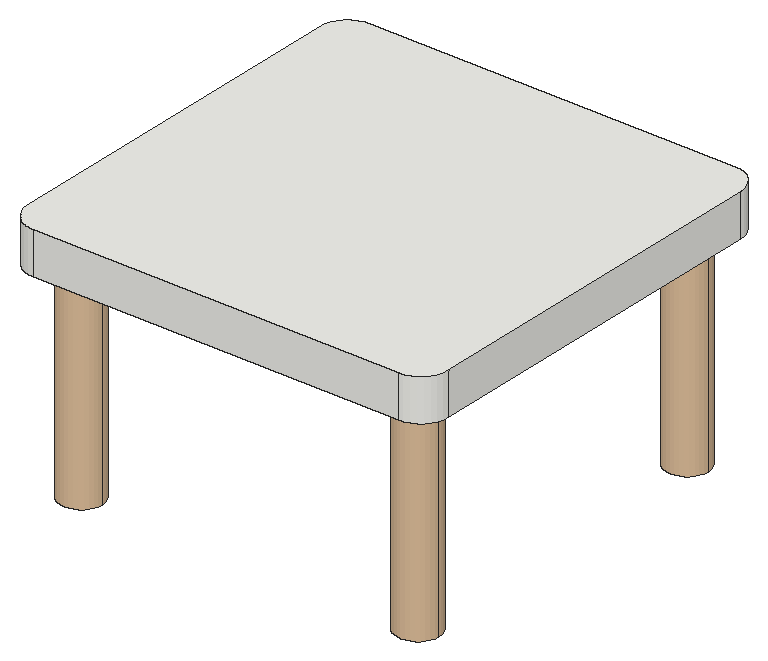
Revit family "rac_basic_sample_family", category Furniture, Revit 2017
Family settings
  OmniClass Number = 23.40.20.14.17
  OmniClass Title = Residential Tables and Cabinets
  Work Plane-Based = No
  Always vertical = Yes
  Cut with Voids When Loaded = No
  Shared = Yes
  Room Calculation Point = No
Parameters (values of type "0762 x 0762mm")
  Base Material = Wood - Birch
  Height = 457.00 mm
  Length = 762.00 mm
  Top Material = Laminate - Ivory, Matte
  Width = 762.00 mm
Types (4, lengths in mm): name | Height | Length | Width
  (no name) | 457.00 | 762.00 | 762.00
  0610 x 0160mm | 762.00 | 610.00 | 610.00
  0762 x 0762mm | 457.00 | 762.00 | 762.00
  0610 x 0915mm | 762.00 | 610.00 | 915.00
Reference planes
  plane 1: y = 152.4
  plane 2: z = 0
  plane 3 "Left": x = 3.734
  plane 4 "Right": x = 765.734
  plane 5 "Back": y = 533.4
  plane 6 "Front": y = -228.6
  plane 7: x = 384.734
Forms (mm)
  Extrusion 1, solid, material "Laminate - Ivory, Matte" <- "Top Material"
    sketch origin (0, 0, 0) x (1, 0, 0) y (0, 1, 0)
      loop
        line (54.534, -228.6) -> (714.934, -228.6)
        arc (714.934, -228.6) -> (750.855, -213.721) -> (765.734, -177.8) r 50.8
        line (765.734, -177.8) -> (765.734, 482.6)
        arc (765.734, 482.6) -> (750.855, 518.521) -> (714.934, 533.4) r 50.8
        line (714.934, 533.4) -> (54.534, 533.4)
        arc (54.534, 533.4) -> (18.613, 518.521) -> (3.734, 482.6) r 50.8
        line (3.734, 482.6) -> (3.734, -177.8)
        arc (3.734, -177.8) -> (18.613, -213.721) -> (54.534, -228.6) r 50.8
    from 380.8 to 457
  Extrusion 2, solid, material "Wood - Birch" <- "Base Material"
    sketch origin (0, 0, 0) x (1, 0, 0) y (0, 1, 0)
      loop
        circle (79.934, 457.2) r 38.1
      loop
        circle (79.934, -152.4) r 38.1
      loop
        circle (689.534, -152.4) r 38.1
      loop
        circle (689.534, 457.2) r 38.1
    from 0 to 380.8
Lines and regions (mm)
  Masking region 1
    outline origin (0, 0, 0) x (1, 0, 0) y (0, 1, 0)
      loop
        arc (54.534, 533.4) -> (18.613, 518.521) -> (3.734, 482.6) r 50.8
        line (3.734, 482.6) -> (3.734, -177.8)
        arc (3.734, -177.8) -> (18.613, -213.721) -> (54.534, -228.6) r 50.8
        line (54.534, -228.6) -> (714.934, -228.6)
        arc (714.934, -228.6) -> (750.855, -213.721) -> (765.734, -177.8) r 50.8
        line (765.734, -177.8) -> (765.734, 482.6)
        arc (765.734, 482.6) -> (750.855, 518.521) -> (714.934, 533.4) r 50.8
        line (714.934, 533.4) -> (54.534, 533.4)
Dimensions and locks
  locked: Extrusion 1 to Extrusion 1 at 76.2
  "Height": Extrusion 1 to plane 2
  locked: Extrusion 1 to Extrusion 2 sketch curve at 76.2  (x8)
  "Width": plane 5 "Back" to plane 6 "Front"
  "Length": plane 3 "Left" to plane 4 "Right"
  equal spacing: plane 5 "Back", plane 1, plane 6 "Front"
  equal spacing: plane 3 "Left", plane 7, plane 4 "Right"
  radius of Extrusion 1 sketch curve = 50.80 mm  (x4)
  aligned and locked: plane 2 to level
  aligned and locked: plane 6 "Front" to Extrusion 1 sketch curve
  aligned and locked: Extrusion 2 to Extrusion 1
  aligned and locked: Masking region 1 sketch curve to plane 5 "Back"
  aligned and locked: plane 3 "Left" to Masking region 1 sketch curve
  aligned and locked: plane 4 "Right" to Masking region 1 sketch curve
  aligned and locked: Masking region 1 sketch curve to plane 6 "Front"
  aligned: Masking region 1 sketch curve to Extrusion 1
Automatic sketch dimensions
  Extrusion 2 sketch curve to Extrusion 2 sketch curve = 38.10 mm  (x4)
  Extrusion 1 sketch curve to plane 3 "Left" = 0.00 mm
  Extrusion 1 sketch curve to plane 4 "Right" = 0.00 mm
  Extrusion 1 sketch curve to plane 5 "Back" = 0.00 mm
  plane 3 "Left" to Masking region 1 sketch curve = 50.80 mm  (x2)
  plane 4 "Right" to Masking region 1 sketch curve = 50.80 mm  (x2)
